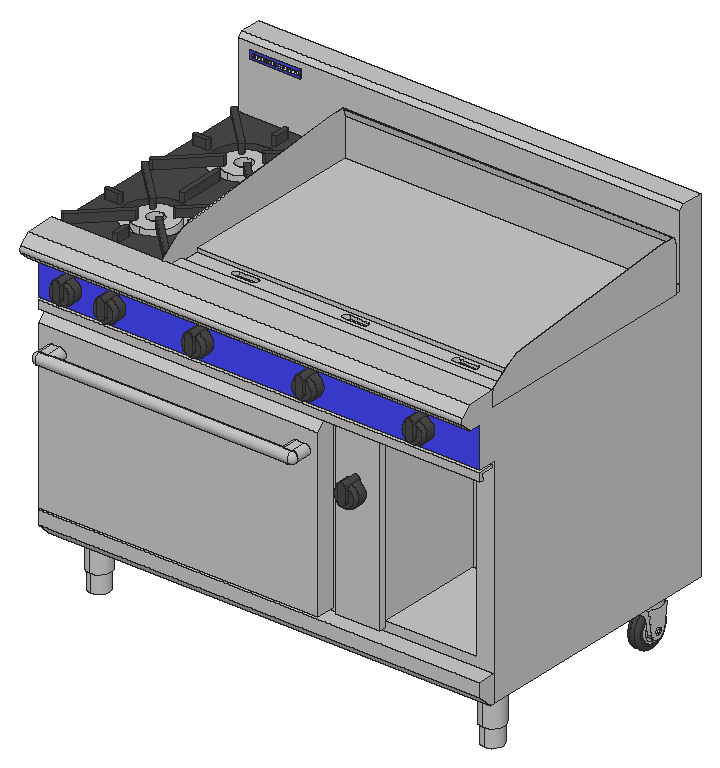
Revit family "QF_MOFFAT_BLUESEAL_CE_G58A", category Specialty Equipment, Revit 2012 (continued)
Automatic sketch dimensions
  Revolve 25 sketch curve to Revolve 25 sketch curve = 60 mm
  Revolve 25 sketch curve to Revolve 25 sketch curve = 40 mm
  Revolve 26 sketch curve to plane 17 = 103.75 mm
  Revolve 26 sketch curve to plane 17 = 68 mm
  Revolve 26 sketch curve to Revolve 26 sketch curve = 35.75 mm
  level to Revolve 26 sketch curve = 150 mm
  Revolve 26 sketch curve to Revolve 26 sketch curve = 40 mm
  level to Revolve 26 sketch curve = 50 mm
  Revolve 26 sketch curve to level = 55 mm
  Revolve 27 sketch curve to plane 16 = 34.382 mm
  Revolve 27 sketch curve to Revolve 27 sketch curve = 1.27 mm  (x4)
  Revolve 27 sketch curve to Revolve 27 sketch curve = 1.524 mm  (x2)
  Revolve 27 sketch curve to Revolve 27 sketch curve = 12.146 mm  (x2)
  Revolve 27 sketch curve to plane 16 = 16.68 mm
  Revolve 27 sketch curve to Revolve 27 sketch curve = 0.794 mm  (x2)
  Revolve 27 sketch curve to Revolve 27 sketch curve = 3.57 mm
  Revolve 27 sketch curve to Revolve 27 sketch curve = 2.143 mm
  Revolve 27 sketch curve to plane 16 = 6.361 mm
  plane 16 to Revolve 27 sketch curve = 5.13 mm
  plane 16 to Revolve 27 sketch curve = 6.339 mm
  plane 16 to Revolve 27 sketch curve = 14.515 mm
  Revolve 27 sketch curve to Revolve 27 sketch curve = 1.349 mm  (x2)
  Revolve 27 sketch curve to Revolve 27 sketch curve = 3.556 mm
  Revolve 27 sketch curve to plane 4 "RIGHT" = 2.18 mm
  level to Revolve 27 sketch curve = 50.8 mm
  Revolve 27 sketch curve to Revolve 27 sketch curve = 0 mm
  Revolve 27 sketch curve to Revolve 27 sketch curve = 3.505 mm  (x2)
  Revolve 27 sketch curve to Revolve 27 sketch curve = 3.447 mm  (x2)
  Revolve 27 sketch curve to Revolve 27 sketch curve = 9.964 mm
  Revolve 27 sketch curve to Revolve 27 sketch curve = 10.045 mm
  Revolve 27 sketch curve to Revolve 27 sketch curve = 2.053 mm
  Revolve 27 sketch curve to Revolve 27 sketch curve = 2.061 mm
  Revolve 27 sketch curve to Revolve 27 sketch curve = 8.247 mm
  Revolve 27 sketch curve to Revolve 27 sketch curve = 8.336 mm
  Revolve 27 sketch curve to Revolve 27 sketch curve = 6.35 mm  (x2)
  Extrusion 28 sketch curve to plane 17 = 99.75 mm
  Extrusion 28 sketch curve to Extrusion 28 sketch curve = 12.357 mm
  Extrusion 28 sketch curve to Extrusion 28 sketch curve = 19.393 mm  (x2)
  level to Extrusion 28 sketch curve = 45.111 mm
  Extrusion 28 sketch curve to plane 17 = 36.25 mm
  Extrusion 28 sketch curve to Extrusion 28 sketch curve = 4.889 mm
  Extrusion 28 sketch curve to Extrusion 28 sketch curve = 64.889 mm
  Revolve 29 sketch curve to level = 0 mm
  Revolve 29 sketch curve to plane 17 = 99.75 mm
  Revolve 29 sketch curve to Revolve 29 sketch curve = 4.25 mm
  Revolve 29 sketch curve to Revolve 29 sketch curve = 27.5 mm  (x2)
  Revolve 29 sketch curve to level = 55 mm
  Revolve 29 sketch curve to Revolve 29 sketch curve = 50 mm
  Revolve 29 sketch curve to Revolve 29 sketch curve = 0 mm
  Revolve 29 sketch curve to Revolve 29 sketch curve = 100 mm
  Revolve 30 sketch curve to level = 0 mm
  Revolve 30 sketch curve to plane 17 = 99.75 mm
  Revolve 30 sketch curve to Revolve 30 sketch curve = 4.25 mm
  Revolve 30 sketch curve to Revolve 30 sketch curve = 27.5 mm  (x2)
  level to Revolve 30 sketch curve = 50 mm
  Revolve 30 sketch curve to Revolve 30 sketch curve = 0 mm
  Revolve 30 sketch curve to Revolve 30 sketch curve = 100 mm
  Revolve 30 sketch curve to Revolve 30 sketch curve = 55 mm
  plane 14 to Revolve 31 sketch curve = 25.382 mm
  Revolve 31 sketch curve to Revolve 31 sketch curve = 1.27 mm  (x4)
  Revolve 31 sketch curve to Revolve 31 sketch curve = 1.524 mm  (x2)
  plane 14 to Revolve 31 sketch curve = 10.442 mm
  plane 14 to Revolve 31 sketch curve = 7.68 mm
  Revolve 31 sketch curve to Revolve 31 sketch curve = 0.794 mm  (x2)
  Revolve 31 sketch curve to Revolve 31 sketch curve = 3.57 mm
  Revolve 31 sketch curve to Revolve 31 sketch curve = 2.143 mm
  Revolve 31 sketch curve to plane 14 = 2.639 mm
  Revolve 31 sketch curve to plane 11 = 0.13 mm
  Revolve 31 sketch curve to plane 11 = 1.339 mm
  Revolve 31 sketch curve to plane 11 = 9.515 mm
  Revolve 31 sketch curve to Revolve 31 sketch curve = 1.349 mm  (x2)
  Revolve 31 sketch curve to Revolve 31 sketch curve = 3.556 mm
  Revolve 31 sketch curve to Revolve 31 sketch curve = 12.146 mm
  Revolve 31 sketch curve to plane 3 "LEFT" = 2.68 mm
  level to Revolve 31 sketch curve = 101.6 mm
  Revolve 31 sketch curve to Revolve 31 sketch curve = 6.35 mm  (x4)
  Revolve 31 sketch curve to Revolve 31 sketch curve = 8.247 mm
  Revolve 31 sketch curve to Revolve 31 sketch curve = 8.336 mm
  Revolve 31 sketch curve to Revolve 31 sketch curve = 2.061 mm
  Revolve 31 sketch curve to Revolve 31 sketch curve = 2.053 mm
  Revolve 31 sketch curve to Revolve 31 sketch curve = 10.045 mm
  Revolve 31 sketch curve to Revolve 31 sketch curve = 9.964 mm
  Revolve 31 sketch curve to Revolve 31 sketch curve = 3.447 mm  (x2)
  Revolve 31 sketch curve to Revolve 31 sketch curve = 3.505 mm
  Revolve 32 sketch curve to plane 5 "FRONT" = 19 mm
  Revolve 32 sketch curve to Revolve 32 sketch curve = 0 mm  (x2)
  Revolve 32 sketch curve to Revolve 32 sketch curve = 11 mm
  Revolve 32 sketch curve to Revolve 32 sketch curve = 12.7 mm
  Revolve 32 sketch curve to Revolve 32 sketch curve = 23 mm
  Revolve 32 sketch curve to Revolve 32 sketch curve = 10 mm
  Revolve 32 sketch curve to plane 6 "TOP" = 140.618 mm
  Revolve 32 sketch curve to Revolve 32 sketch curve = 5.849 mm
  Revolve 32 sketch curve to Revolve 32 sketch curve = 27.5 mm
  Revolve 32 sketch curve to Revolve 32 sketch curve = 5 mm
  Extrusion 33 sketch curve to plane 6 "TOP" = 146.118 mm
  Extrusion 33 sketch curve to Extrusion 33 sketch curve = 35 mm
  Revolve 34 sketch curve to plane 5 "FRONT" = 19 mm
  Revolve 34 sketch curve to Revolve 34 sketch curve = 0 mm  (x2)
  Revolve 34 sketch curve to Revolve 34 sketch curve = 11 mm
  Revolve 34 sketch curve to Revolve 34 sketch curve = 12.7 mm
  Revolve 34 sketch curve to Revolve 34 sketch curve = 23 mm
  Revolve 34 sketch curve to Revolve 34 sketch curve = 10 mm
  Revolve 34 sketch curve to plane 6 "TOP" = 140.618 mm
  Revolve 34 sketch curve to Revolve 34 sketch curve = 5.849 mm
  Revolve 34 sketch curve to Revolve 34 sketch curve = 27.5 mm
  Revolve 34 sketch curve to Revolve 34 sketch curve = 5 mm
  Extrusion 35 sketch curve to plane 6 "TOP" = 146.118 mm
  Extrusion 35 sketch curve to Extrusion 35 sketch curve = 35 mm
  Extrusion 6 sketch curve to plane 16 = 64.5 mm
  Extrusion 19 sketch curve to Extrusion 19 sketch curve = 81 mm
  Extrusion 19 sketch curve to Extrusion 19 sketch curve = 48.5 mm
  Extrusion 35 sketch curve to plane 16 = 74.874 mm
  Extrusion 35 sketch curve to Extrusion 35 sketch curve = 10 mm
  plane 7 "Center Y" to curve 11 = 118.108 mm
  curve 10 to curve 11 = 25.191 mm
  plane 7 "Center Y" to curve 32 = 160 mm
  curve 57 to curve 53 = 223.917 mm
  Extrusion 7 sketch curve to plane 16 = 234.5 mm
  plane 7 "Center Y" to Extrusion 17 sketch curve = 227.344 mm
  plane 7 "Center Y" to Extrusion 20 sketch curve = 102.757 mm
  plane 7 "Center Y" to Revolve 21 sketch curve = 123.039 mm
  plane 7 "Center Y" to Extrusion 33 sketch curve = 159.739 mm
  Extrusion 33 sketch curve to Extrusion 33 sketch curve = 10 mm
  Extrusion 15 sketch curve to plane 7 "Center Y" = 140.148 mm
  Extrusion 15 sketch curve to Extrusion 15 sketch curve = 10 mm
  radius of Extrusion 6 sketch curve = 10 mm
  radius of Extrusion 8 sketch curve = 85 mm  (x2)
  radius of Extrusion 22 sketch curve = 57 mm  (x2)
  radius of Extrusion 22 sketch curve = 22 mm  (x2)
  radius of Extrusion 23 sketch curve = 6.35 mm
Nested families
  nested 1: "WALDORF LOGO_FACE BASE" at (32, -70, 1056.385) x (1, 0, 0) z (0, -1, 0), visible <- "Show Logo", type "WALDORF LOGO_FACE BASE", detail levels medium+fine
    with Show Logo yes
  nested 2: "GAS GRIDDLE PLATE 900" at (300.232, -85, 874.5), type "GAS GRIDDLE PLATE 900"
    with Width 900 mm, Type Mark "", Status "", Specification by User "", Revision Code "", Item Number "", Installed By "", Identify Quantity as Lot yes, Furnished By "", Foodservice Equipment Identifier yes, Depth 620 mm
Connectors
  piping at (1070, -32, 655)
    settings: on Extrusion 6, index 4, connector radius 0.37402", flow factor 0, pipe flow 0 GPM, pressure drop 0.00 psi, fitting loss kfactor 0, connector angle 0.00°, fixture units 0, engagement length 0 mm, flow configuration 1, flow direction 1, fitting loss method 0, system type 7, joint type 0, gender type 0, connector reference index -1, connector utility 0, adjustable connector no, is connector primary yes, fitting loss table "", connector description "GAS CONNECTION"
  electrical at (826, -501, 148.072), driven by "Volts", driven by "Watts"
    settings: on Extrusion 23, index 5, voltage 230 V, apparent load 130 VA, apparent load phase1 0 VA, apparent load phase2 0 VA, apparent load phase3 0 VA, power factor 1, load classification "Other", number of poles 1, system type 30, power factor state 1, is connector primary yes, connector utility no, sub classification motor no, connector description "ELECTRICAL CONNECTION"
Definition of nested family "WALDORF LOGO_FACE BASE"
  Parameters (values of type "WALDORF LOGO_FACE BASE")
    Show Logo [instance] = yes
    Default Elevation = 1219.2 mm
  Reference planes
    plane 1 "Center (Front/Back)": y = 0
    plane 2: z = 0
    plane 3 "Center (Left/Right)": x = 0
  Forms (mm)
    Extrusion 1, solid
      sketch origin (0, 0, 0) x (1, 0, 0) y (0, 1, 0)
        loop
          line (-1219.2, 1219.2) -> (-1219.2, -1219.2) -> (1219.2, -1219.2) -> (1219.2, 1219.2) -> (-1219.2, 1219.2)
      from 0 to -304.8
    Extrusion 2, solid, material "QF_Finishes_Blue", visible <- "Show Logo"
      sketch origin (0, -33.217, 0) x (1, 0, 0) y (0, 1, 0)
        loop
          arc (138, 31.942) -> (137.626, 32.844) -> (136.724, 33.217) r 1.276
          line (136.724, 33.217) -> (1.29, 33.217)
          arc (1.29, 33.217) -> (0.378, 32.839) -> (0, 31.927) r 1.29
          line (0, 31.927) -> (0, 11.507)
          arc (0, 11.507) -> (0.378, 10.595) -> (1.29, 10.217) r 1.29
          line (1.29, 10.217) -> (136.71, 10.217)
          arc (136.71, 10.217) -> (137.622, 10.595) -> (138, 11.507) r 1.29
          line (138, 11.507) -> (138, 31.942)
      from 0 to 1.588
    Extrusion 3, solid, material "QF_Finishes_White", visible <- "Show Logo"
      sketch origin (0, -33.217, 1.588) x (1, 0, 0) y (0, 1, 0)
        loop
          arc (108.946, 25.919) -> (107.613, 25.367) -> (107.061, 24.034) r 1.885
          line (107.061, 24.034) -> (107.061, 17.211) -> (112.704, 17.211) -> (112.704, 19.129) -> (115.546, 19.129) -> (115.546, 17.211) -> (121.584, 17.211) -> (121.584, 24.075)
          arc (121.584, 24.075) -> (121.043, 25.379) -> (119.739, 25.919) r 1.845
          line (119.739, 25.919) -> (108.946, 25.919)
        loop
          line (123.478, 25.919) -> (123.478, 17.163) -> (134.904, 17.163) -> (134.904, 19.129) -> (129.246, 19.129) -> (129.246, 25.919) -> (123.478, 25.919)
        loop
          line (112.704, 21.258) -> (115.546, 21.258) -> (115.546, 22.702)
          arc (115.546, 22.702) -> (115.344, 23.188) -> (114.858, 23.389) r 0.687
          line (114.858, 23.389) -> (113.363, 23.389)
          arc (113.363, 23.389) -> (112.897, 23.196) -> (112.704, 22.73) r 0.658
          line (112.704, 22.73) -> (112.704, 21.258)
        loop
          line (105.071, 25.919) -> (93.771, 25.919) -> (93.771, 17.163) -> (105.071, 17.163) -> (105.071, 19.063) -> (99.535, 19.063) -> (99.535, 20.437) -> (105.071, 20.437) -> (105.071, 22.278) -> (99.535, 22.278) -> (99.535, 23.587) -> (105.071, 23.587) -> (105.071, 25.919)
        loop
          line (91.104, 25.919) -> (79.541, 25.919)
          arc (79.541, 25.919) -> (78.558, 25.513) -> (78.152, 24.53) r 1.389
          line (78.152, 24.53) -> (78.152, 22.08)
          arc (78.152, 22.08) -> (78.558, 21.098) -> (79.541, 20.691) r 1.389
          line (79.541, 20.691) -> (86.346, 20.691) -> (86.346, 18.864) -> (83.266, 18.864) -> (83.266, 19.664) -> (78.152, 19.664) -> (78.152, 18.553)
          arc (78.152, 18.553) -> (78.558, 17.57) -> (79.541, 17.163) r 1.389
          line (79.541, 17.163) -> (91.063, 17.163)
          arc (91.063, 17.163) -> (92.045, 17.57) -> (92.452, 18.553) r 1.389
          line (92.452, 18.553) -> (92.452, 20.691)
          arc (92.452, 20.691) -> (92.045, 21.673) -> (91.063, 22.08) r 1.389
          line (91.063, 22.08) -> (83.266, 22.08) -> (83.266, 23.984) -> (86.346, 23.984) -> (86.346, 22.743) -> (92.452, 22.743) -> (92.452, 24.571)
          arc (92.452, 24.571) -> (92.057, 25.524) -> (91.104, 25.919) r 1.348
        loop
          line (70.705, 25.919) -> (59.405, 25.919) -> (59.405, 17.163) -> (70.705, 17.163) -> (70.705, 19.063) -> (65.169, 19.063) -> (65.169, 20.437) -> (70.705, 20.437) -> (70.705, 22.278) -> (65.169, 22.278) -> (65.169, 23.587) -> (70.705, 23.587) -> (70.705, 25.919)
        loop
          line (57.598, 25.919) -> (51.7, 25.919) -> (51.7, 20.18)
          arc (51.7, 20.18) -> (50.63, 19.11) -> (49.56, 20.18) r 1.07
          line (49.56, 20.18) -> (49.56, 25.919) -> (43.663, 25.919) -> (43.663, 19.049)
          arc (43.663, 19.049) -> (44.215, 17.716) -> (45.548, 17.163) r 1.885
          line (45.548, 17.163) -> (55.71, 17.163)
          arc (55.71, 17.163) -> (57.045, 17.716) -> (57.598, 19.051) r 1.887
          line (57.598, 19.051) -> (57.598, 25.919)
        loop
          line (31.62, 25.919) -> (31.62, 17.163) -> (43.046, 17.163) -> (43.046, 19.129) -> (37.388, 19.129) -> (37.388, 25.919) -> (31.62, 25.919)
        loop
          line (15.969, 25.919) -> (15.969, 17.163) -> (28.693, 17.163)
          arc (28.693, 17.163) -> (29.812, 17.627) -> (30.276, 18.746) r 1.582
          line (30.276, 18.746) -> (30.276, 20.447) -> (29.48, 21.243) -> (30.276, 22.039) -> (30.276, 24.332)
          arc (30.276, 24.332) -> (29.811, 25.454) -> (28.688, 25.919) r 1.587
          line (28.688, 25.919) -> (15.969, 25.919)
        loop
          line (21.449, 24.159) -> (21.449, 22.436) -> (23.862, 22.436)
          arc (23.862, 22.436) -> (24.723, 23.298) -> (23.862, 24.159) r 0.861
          line (23.862, 24.159) -> (21.449, 24.159)
        loop
          line (21.449, 20.244) -> (21.449, 18.522) -> (23.862, 18.522)
          arc (23.862, 18.522) -> (24.723, 19.383) -> (23.862, 20.244) r 0.861
          line (23.862, 20.244) -> (21.449, 20.244)
      from 0 to 0.2
    Extrusion 4, solid, material "QF_Finishes_Blue", visible <- "Show Logo"
      sketch origin (-126.498, -31.09, 1.588) x (1, 0, 0) y (0, 1, 0)
        loop
          line (136.738, 23.522) -> (136.738, 15.1)
          arc (136.738, 15.1) -> (140.756, 19.311) -> (136.738, 23.522) r 4.216
      from 0 to 0.2
    Extrusion 5, solid, material "QF_Finishes_Red", visible <- "Show Logo"
      sketch origin (146.849, -31.09, 1.588) x (-1, 0, 0) y (0, -1, 0)
        loop
          arc (136.738, -23.522) -> (140.756, -19.311) -> (136.738, -15.1) r 4.216
          line (136.738, -15.1) -> (136.738, -23.522)
      from 0 to 0.2
  Lines and regions (mm)
    Split face 1
      outline origin (-90.35, -30.793, 1.588) x (1, 0, 0) y (0, 1, 0)
        loop
          circle (100.54, 19.013) r 4.536
  Dimensions and locks
    aligned and locked: plane 2 to Extrusion 1
    aligned and locked: level to Extrusion 1
Definition of nested family "GAS GRIDDLE PLATE 900"
  Parameters (values of type "GAS GRIDDLE PLATE 900")
    Width [instance] = 900 mm
    Weight in Pounds = 0
    URL Cutsheet = ""
    Type Mark [instance] = ""
    Status [instance] = ""
    Specification by User [instance] = ""
    Specification by Manufacturer = ""
    Serial Number = ""
    Seismic Rating = ""
    SMACNA No = ""
    Revision Code [instance] = ""
    Omniclass Number and Title = ""
    NAFEM Spec ID Number = ""
    Masterspec = ""
    Item Number [instance] = ""
    Installed By [instance] = ""
    Identify Quantity as Lot [instance] = yes
    Furnished By [instance] = ""
    Foodservice Equipment Identifier [instance] = yes
    Depth [instance] = 620 mm
    CSI MasterFormat = ""
    CSI Master Format = ""
  Reference planes
    plane 1 "BACK": y = 0
    plane 2: z = 0
    plane 3 "LEFT": x = 0
    plane 4 "RIGHT": x = 900
    plane 5 "FRONT": y = -620
    plane 6 "TOP": z = 142.5
    plane 7 "Center Y": x = 450
    plane 8 "Center X": y = -310
    plane 9: y = -530.997
    plane 10: y = -541.497
    plane 11: y = -503.25
    plane 12: y = -557.737
  Forms (mm)
    Extrusion 1, solid, material "QF_Finishes_Stainless Steel"
      sketch origin (0, 70.003, -874.5) x (0, 1, 0) y (0, 0, 1)
        loop
          line (-70, 875) -> (-70, 997.489) -> (-75.228, 1017) -> (-117.24, 1017) -> (-589.533, 971.523)
          arc (-589.533, 971.523) -> (-614.56, 965.803) -> (-637.306, 953.899) r 100
          line (-637.306, 953.899) -> (-690.003, 917) -> (-690.003, 875) -> (-70, 875)
      from 0 to 1.8
    Extrusion 2, solid, material "QF_Finishes_Stainless Steel"
      sketch origin (600, 70.003, -874.5) x (0, -1, 0) y (0, 0, 1)
        loop
          line (70, 875) -> (690.003, 875) -> (690.003, 917) -> (637.306, 953.899)
          arc (637.306, 953.899) -> (614.56, 965.803) -> (589.533, 971.523) r 100
          line (589.533, 971.523) -> (117.24, 1017) -> (75.228, 1017) -> (70, 997.489) -> (70, 875)
      from -300 to -298.8
    Extrusion 3, solid, material "QF_Finishes_Stainless Steel"
      sketch origin (150, 70.003, -874.5) x (0, 1, 0) y (0, 0, 1)
        loop
          line (-55, 895) -> (-573.253, 895) -> (-573.253, 884.5) -> (-627.74, 884.5) -> (-627.74, 895) -> (-690.003, 895) -> (-690.003, 875) -> (-55, 875) -> (-55, 895)
      from -148.2 to 748.8
    Extrusion 4, void
      sketch origin (0.113, -541.497, 10) x (0, -1, 0) y (1, 0, 0)
        loop
          arc (-7.497, 175) -> (-17.497, 185) -> (-27.497, 175) r 10
          line (-27.497, 175) -> (-27.497, 125)
          arc (-27.497, 125) -> (-17.497, 115) -> (-7.497, 125) r 10
          line (-7.497, 125) -> (-7.497, 175)
        loop
          line (-7.497, 424.887) -> (-7.497, 474.887)
          arc (-7.497, 474.887) -> (-17.497, 484.887) -> (-27.497, 474.887) r 10
          line (-27.497, 474.887) -> (-27.497, 424.887)
          arc (-27.497, 424.887) -> (-17.497, 414.887) -> (-7.497, 424.887) r 10
        loop
          line (-7.497, 724.774) -> (-7.497, 774.774)
          arc (-7.497, 774.774) -> (-17.497, 784.774) -> (-27.497, 774.774) r 10
          line (-27.497, 774.774) -> (-27.497, 724.774)
          arc (-27.497, 724.774) -> (-17.497, 714.774) -> (-7.497, 724.774) r 10
      from -41.4 to 40.142
    Extrusion 5, solid, material "QF_Finishes_Stainless Steel"
      sketch origin (0, 70.003, -874.5) x (0, 1, 0) y (0, 0, 1)
        loop
          line (-70, 875) -> (-70, 997.489) -> (-75.228, 1017) -> (-76.884, 1017) -> (-71.6, 997.278) -> (-71.6, 875) -> (-70, 875)
      from 0 to 898.8
  Cuts and joins
    Extrusion 4 cuts Extrusion 3
    joined: Extrusion 1, Extrusion 2, Extrusion 3, Extrusion 5
  Lines and regions (mm)
    symbolic lines
      curve 1: line (900, -503.25, 0) -> (0, -503.25, 0)
      curve 2: line (0, -557.737, 0) -> (900, -557.737, 0)
      curve 3: line (0, -1.68, 0) -> (900, -1.68, 0)
      curve 4: line (900, -1.68, 0) -> (900, -620, 0)
      curve 5: line (0, -620, 0) -> (0, -1.68, 0)
      curve 6: line (0, -620, 0) -> (900, -620, 0)
      curve 7: arc (175.113, -534, 0) -> (185.113, -524, 0) -> (175.113, -514, 0) r 10
      curve 8: line (175.113, -514, 0) -> (125.113, -514, 0)
      curve 9: arc (125.113, -514, 0) -> (115.113, -524, 0) -> (125.113, -534, 0) r 10
      curve 10: line (125.113, -534, 0) -> (175.113, -534, 0)
      curve 11: arc (425, -534, 0) -> (415, -524, 0) -> (425, -514, 0) r 10
      curve 12: line (425, -514, 0) -> (475, -514, 0)
      curve 13: arc (475, -514, 0) -> (485, -524, 0) -> (475, -534, 0) r 10
      curve 14: line (475, -534, 0) -> (425, -534, 0)
      curve 15: arc (724.887, -534, 0) -> (714.887, -524, 0) -> (724.887, -514, 0) r 10
      curve 16: line (724.887, -514, 0) -> (774.887, -514, 0)
      curve 17: arc (774.887, -514, 0) -> (784.887, -524, 0) -> (774.887, -534, 0) r 10
      curve 18: line (774.887, -534, 0) -> (724.887, -534, 0)
  Dimensions and locks
    equal spacing: plane 3 "LEFT", plane 7 "Center Y", plane 4 "RIGHT"
    "Width": plane 3 "LEFT" to plane 4 "RIGHT"
    equal spacing: plane 5 "FRONT", plane 8 "Center X", plane 1 "BACK"
    "Depth": plane 5 "FRONT" to plane 1 "BACK"
    locked: Extrusion 2 to Extrusion 2 at 1.2
    aligned and locked: level to plane 2
    aligned and locked: Extrusion 2 to plane 4 "RIGHT"
    aligned and locked: curve 1 to plane 11
    aligned and locked: plane 12 to curve 2
    aligned and locked: Extrusion 5 to cut or joined group of Extrusion 1, Extrusion 2, Extrusion 3, Extrusion 4, Extrusion 5
  Automatic sketch dimensions
    Extrusion 1 sketch curve to plane 5 "FRONT" = 0 mm
    Extrusion 1 sketch curve to plane 6 "TOP" = 0 mm
    plane 12 to Extrusion 1 sketch curve = 9.566 mm
    plane 11 to Extrusion 1 sketch curve = 16.28 mm
    Extrusion 1 sketch curve to level = 2.516 mm
    plane 11 to Extrusion 1 sketch curve = 6.695 mm
    plane 1 "BACK" to Extrusion 1 sketch curve = 47.237 mm
    plane 1 "BACK" to Extrusion 1 sketch curve = 5.225 mm
    Extrusion 1 sketch curve to plane 1 "BACK" = 0.003 mm
    level to Extrusion 1 sketch curve = 0.5 mm
    Extrusion 1 sketch curve to Extrusion 1 sketch curve = 42 mm
    Extrusion 1 sketch curve to plane 6 "TOP" = 63.101 mm
    Extrusion 1 sketch curve to plane 6 "TOP" = 19.511 mm
    Extrusion 2 sketch curve to plane 6 "TOP" = 0 mm
    Extrusion 2 sketch curve to plane 5 "FRONT" = 0 mm
    plane 12 to Extrusion 2 sketch curve = 9.566 mm
    plane 11 to Extrusion 2 sketch curve = 16.28 mm
    Extrusion 2 sketch curve to level = 2.516 mm
    plane 11 to Extrusion 2 sketch curve = 6.695 mm
    plane 1 "BACK" to Extrusion 2 sketch curve = 47.237 mm
    plane 1 "BACK" to Extrusion 2 sketch curve = 5.225 mm
    Extrusion 2 sketch curve to plane 1 "BACK" = 0.003 mm
    level to Extrusion 2 sketch curve = 0.5 mm
    Extrusion 2 sketch curve to Extrusion 2 sketch curve = 42 mm
    Extrusion 2 sketch curve to plane 6 "TOP" = 63.101 mm
    Extrusion 2 sketch curve to plane 6 "TOP" = 19.511 mm
    Extrusion 3 sketch curve to plane 5 "FRONT" = 0 mm
    Extrusion 3 sketch curve to plane 12 = 0 mm
    Extrusion 3 sketch curve to plane 11 = 0 mm
    Extrusion 3 sketch curve to plane 1 "BACK" = 15.003 mm
    level to Extrusion 3 sketch curve = 0.5 mm
    level to Extrusion 3 sketch curve = 10 mm
    Extrusion 3 sketch curve to Extrusion 3 sketch curve = 10.5 mm  (x2)
    plane 1 "BACK" to Extrusion 5 sketch curve = 5.225 mm
    Extrusion 5 sketch curve to plane 1 "BACK" = 0.003 mm
    Extrusion 5 sketch curve to plane 6 "TOP" = 19.511 mm
    Extrusion 5 sketch curve to Extrusion 5 sketch curve = 1.6 mm
    Extrusion 5 sketch curve to Extrusion 5 sketch curve = 0.211 mm
    Extrusion 5 sketch curve to plane 6 "TOP" = 0 mm
    Extrusion 5 sketch curve to Extrusion 5 sketch curve = 1.656 mm
    level to Extrusion 5 sketch curve = 0.5 mm
    curve 6 to plane 3 "LEFT" = 0 mm
    curve 3 to plane 4 "RIGHT" = 0 mm
    plane 5 "FRONT" to curve 6 = 0 mm
    plane 11 to curve 9 = 20.75 mm
    plane 3 "LEFT" to curve 9 = 125.113 mm
    curve 10 to plane 12 = 23.737 mm
    curve 9 to curve 10 = 50 mm
    curve 14 to plane 7 "Center Y" = 25 mm
    plane 11 to curve 12 = 10.75 mm
    plane 7 "Center Y" to curve 12 = 25 mm
    curve 15 to plane 12 = 23.737 mm
    plane 4 "RIGHT" to curve 15 = 175.113 mm
    plane 11 to curve 16 = 10.75 mm
    curve 16 to curve 16 = 50 mm
    curve 14 to curve 12 = 20 mm
    plane 1 "BACK" to curve 3 = 1.68 mm
    plane 11 to Extrusion 4 sketch curve = 10.75 mm  (x3)
    Extrusion 4 sketch curve to Extrusion 4 sketch curve = 10 mm  (x3)
    plane 3 "LEFT" to Extrusion 4 sketch curve = 125.113 mm
    Extrusion 4 sketch curve to Extrusion 4 sketch curve = 50 mm  (x2)
    Extrusion 4 sketch curve to plane 7 "Center Y" = 25 mm
    plane 7 "Center Y" to Extrusion 4 sketch curve = 25 mm
    plane 4 "RIGHT" to Extrusion 4 sketch curve = 175.113 mm
